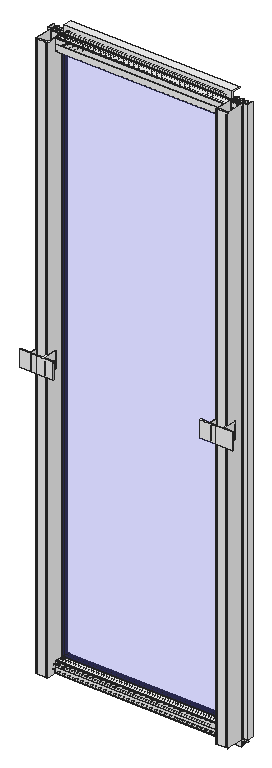
Revit family "Facade_60_Curtain_Wall_I11_Custom", category Windows, host Wall, Revit 2014 (continued)
Definition of nested family "F60 Vertical Profile Side_I11_Cust"
  Automatic sketch dimensions
    Extrusion 10 sketch curve to Extrusion 10 sketch curve = 1.4 mm
    Extrusion 10 sketch curve to Extrusion 10 sketch curve = 0.539 mm  (x2)
    plane 1 "Center (Front/Back)" to Extrusion 10 sketch curve = 28.864 mm
    Extrusion 11 sketch curve to plane 3 "Center (Left/Right)" = 0 mm
    plane 3 "Center (Left/Right)" to Extrusion 11 sketch curve = 0.65 mm
    Extrusion 11 sketch curve to Extrusion 11 sketch curve = 0.128 mm  (x2)
    plane 3 "Center (Left/Right)" to Extrusion 11 sketch curve = 1.014 mm
    plane 3 "Center (Left/Right)" to Extrusion 11 sketch curve = 1.05 mm
    Extrusion 11 sketch curve to Extrusion 11 sketch curve = 0.469 mm  (x2)
    Extrusion 11 sketch curve to Extrusion 11 sketch curve = 1.079 mm
    Extrusion 11 sketch curve to Extrusion 11 sketch curve = 1.317 mm  (x2)
    Extrusion 11 sketch curve to Extrusion 11 sketch curve = 0 mm  (x3)
    plane 3 "Center (Left/Right)" to Extrusion 11 sketch curve = 3.85 mm
    Extrusion 11 sketch curve to Extrusion 11 sketch curve = 0.15 mm  (x2)
    Extrusion 11 sketch curve to Extrusion 11 sketch curve = 26 mm  (x2)
    Extrusion 11 sketch curve to Extrusion 11 sketch curve = 1.05 mm
    Extrusion 11 sketch curve to Extrusion 11 sketch curve = 0.707 mm
    Extrusion 11 sketch curve to Extrusion 11 sketch curve = 0.433 mm
    plane 1 "Center (Front/Back)" to Extrusion 11 sketch curve = 31.288 mm
    plane 1 "Center (Front/Back)" to Extrusion 11 sketch curve = 28.065 mm
    Extrusion 11 sketch curve to Extrusion 11 sketch curve = 1.314 mm
    Extrusion 11 sketch curve to Extrusion 11 sketch curve = 0.65 mm
    Extrusion 11 sketch curve to Extrusion 11 sketch curve = 0.5 mm  (x2)
    plane 1 "Center (Front/Back)" to Extrusion 11 sketch curve = 32.75 mm
    Extrusion 11 sketch curve to Extrusion 11 sketch curve = 0.1 mm  (x3)
    Extrusion 11 sketch curve to Extrusion 11 sketch curve = 1.1 mm  (x2)
    Extrusion 11 sketch curve to Extrusion 11 sketch curve = 8.608 mm
    Extrusion 11 sketch curve to Extrusion 11 sketch curve = 0.962 mm
    Extrusion 12 sketch curve to plane 3 "Center (Left/Right)" = 21.349 mm
    Extrusion 12 sketch curve to Extrusion 12 sketch curve = 6.35 mm
    plane 3 "Center (Left/Right)" to Extrusion 12 sketch curve = 10.403 mm
    plane 1 "Center (Front/Back)" to Extrusion 12 sketch curve = 35.567 mm
    plane 1 "Center (Front/Back)" to Extrusion 12 sketch curve = 10.171 mm
    plane 1 "Center (Front/Back)" to Extrusion 12 sketch curve = 3.821 mm
    Extrusion 13 sketch curve to plane 3 "Center (Left/Right)" = 21.35 mm
    Extrusion 13 sketch curve to Extrusion 13 sketch curve = 6.35 mm
    plane 3 "Center (Left/Right)" to Extrusion 13 sketch curve = 10.402 mm
    plane 1 "Center (Front/Back)" to Extrusion 13 sketch curve = 33.172 mm
    plane 1 "Center (Front/Back)" to Extrusion 13 sketch curve = 7.775 mm
    plane 1 "Center (Front/Back)" to Extrusion 13 sketch curve = 1.425 mm
    Extrusion 14 sketch curve to plane 3 "Center (Left/Right)" = 0 mm
    plane 3 "Center (Left/Right)" to Extrusion 14 sketch curve = 1.2 mm
    Extrusion 14 sketch curve to Extrusion 14 sketch curve = 9.6 mm
    Extrusion 14 sketch curve to Extrusion 14 sketch curve = 1.2 mm  (x3)
    plane 1 "Center (Front/Back)" to Extrusion 14 sketch curve = 25.775 mm
    plane 1 "Center (Front/Back)" to Extrusion 14 sketch curve = 8.975 mm
    curve 4 to Extrusion 6 = 0 mm
    curve 3 to Extrusion 6 = 0 mm
    curve 1 to Extrusion 6 = 0 mm
    curve 4 to Extrusion 6 = 3.6 mm
    curve 3 to Extrusion 6 = 3.6 mm
    curve 1 to Extrusion 6 = 3.6 mm
    Extrusion 6 to curve 2 = 1 mm
    Extrusion 6 to curve 5 = 1 mm
    Extrusion 6 to curve 6 = 1 mm
    curve 6 to Extrusion 6 = 1 mm
    curve 5 to Extrusion 6 = 1 mm
    curve 2 to Extrusion 6 = 1 mm
    curve 9 to Extrusion 6 = 0 mm
    curve 8 to Extrusion 6 = 0 mm
    curve 7 to Extrusion 6 = 0 mm
    Extrusion 6 to curve 8 = 3.6 mm
    Extrusion 6 to curve 9 = 3.6 mm
    Extrusion 6 to curve 7 = 3.6 mm
    curve 12 to Extrusion 5 = 25.894 mm
    curve 11 to Extrusion 5 = 25.894 mm
    curve 10 to Extrusion 5 = 25.894 mm
    curve 10 to Extrusion 5 = 0.108 mm
    Extrusion 5 to curve 12 = 0.703 mm
    Extrusion 5 to curve 11 = 0.703 mm
    curve 13 to Extrusion 5 = 4 mm
    curve 14 to Extrusion 5 = 4 mm
    curve 15 to Extrusion 5 = 4 mm
    Extrusion 5 to curve 15 = 0.702 mm
    Extrusion 5 to curve 14 = 0.702 mm
    Extrusion 5 to curve 13 = 0.702 mm
    curve 18 to Extrusion 7 = 0 mm
    curve 17 to Extrusion 7 = 0 mm
    curve 16 to Extrusion 7 = 0 mm
    Extrusion 7 to curve 17 = 3.6 mm
    Extrusion 7 to curve 18 = 3.6 mm
    Extrusion 7 to curve 16 = 3.6 mm
    Extrusion 7 to curve 21 = 1 mm  (x2)
    Extrusion 7 to curve 20 = 1 mm  (x2)
    Extrusion 7 to curve 19 = 1 mm  (x2)
    curve 24 to Extrusion 7 = 0 mm
    curve 23 to Extrusion 7 = 0 mm
    curve 22 to Extrusion 7 = 0 mm
    curve 24 to Extrusion 7 = 3.6 mm
    curve 23 to Extrusion 7 = 3.6 mm
    curve 22 to Extrusion 7 = 3.6 mm
    curve 27 to Extrusion 8 = 0 mm
    curve 26 to Extrusion 8 = 0 mm
    curve 25 to Extrusion 8 = 0 mm
    Extrusion 8 to curve 26 = 3.6 mm
    Extrusion 8 to curve 27 = 3.6 mm
    Extrusion 8 to curve 25 = 3.6 mm
    Extrusion 8 to curve 30 = 0.221 mm
    Extrusion 8 to curve 29 = 0.221 mm
    Extrusion 8 to curve 28 = 0.221 mm
    curve 29 to Extrusion 8 = 0.222 mm
    curve 30 to Extrusion 8 = 0.222 mm
    curve 28 to Extrusion 8 = 0.222 mm
    curve 33 to Extrusion 8 = 0 mm
    curve 32 to Extrusion 8 = 0 mm
    curve 31 to Extrusion 8 = 0 mm
    curve 33 to Extrusion 8 = 3.6 mm
    curve 32 to Extrusion 8 = 3.6 mm
    curve 31 to Extrusion 8 = 3.6 mm
    curve 34 to Extrusion 11 = 4.016 mm
    curve 35 to Extrusion 11 = 4.016 mm
    curve 36 to Extrusion 11 = 3.97 mm
    Extrusion 11 to curve 36 = 0.637 mm
    Extrusion 11 to curve 35 = 0.637 mm
    Extrusion 11 to curve 34 = 0.637 mm
    curve 37 to Extrusion 11 = 29.221 mm
    curve 38 to Extrusion 11 = 29.221 mm
    curve 39 to Extrusion 11 = 29.221 mm
    Extrusion 11 to curve 39 = 3.222 mm
    Extrusion 11 to curve 38 = 3.222 mm
    Extrusion 11 to curve 37 = 3.222 mm
Definition of nested family "F60 Horizontal Profile Top_I11_Cust"
  Parameters (values of type "F60 Horizontal Profile Top")
    Thermal Break Material [instance] = none
    Single Glazing [instance] = yes
    Profile Material [instance] = none
    Length [instance] = 250 mm
    Double Glazing [instance] = yes
  Reference planes
    plane 1 "Center (Front/Back)": y = 0
    plane 2: z = 0
    plane 3 "Center (Left/Right)": x = 0
  Forms (mm)
    Extrusion 1, solid, material <- "Profile Material"
      sketch origin (0, 0, 0) x (0, 1, 0) y (0, 0, 1)
        loop
          line (-9.94, 7.845) -> (-8.37, 6.275) -> (-1.2, 10.415) -> (-1.2, 1.2) -> (-5, 1.2) -> (-5, 0) -> (-1, 0)
          arc (-1, 0) -> (-0.293, 0.293) -> (0, 1) r 1
          line (0, 1) -> (0, 30) -> (0, 59)
          arc (0, 59) -> (-0.293, 59.707) -> (-1, 60) r 1
          line (-1, 60) -> (-5, 60) -> (-5, 58.8) -> (-1.2, 58.8) -> (-1.2, 49.585) -> (-8.37, 53.725) -> (-9.94, 52.155)
          arc (-9.94, 52.155) -> (-9.902, 51.269) -> (-9.016, 51.232) r 0.655
          line (-9.016, 51.232) -> (-8.077, 52.17) -> (-1.2, 48.2) -> (-1.2, 30) -> (-1.2, 11.8) -> (-8.077, 7.83) -> (-9.016, 8.768)
          arc (-9.016, 8.768) -> (-9.902, 8.731) -> (-9.94, 7.845) r 0.655
      from 0 to 250 <- "Length"
    Extrusion 2, solid, material <- "Profile Material"
      sketch origin (0, 0, 0) x (0, 1, 0) y (0, 0, 1)
        loop
          line (-5, 60) -> (-44.6, 60) -> (-44.6, 58.35) -> (-39.944, 58.35) -> (-39.944, 1.65) -> (-44.6, 1.65) -> (-44.6, 0) -> (-5, 0) -> (-5, 2.2) -> (-4.2, 2.2) -> (-4.2, 3.018)
          arc (-4.2, 3.018) -> (-4.352, 3.783) -> (-4.786, 4.432) r 2
          line (-4.786, 4.432) -> (-7.054, 6.7) -> (-8, 6.489) -> (-8, 5.7) -> (-7.205, 5.7) -> (-7.205, 2.95) -> (-8, 2.95) -> (-8, 1.95) -> (-12.752, 1.95) -> (-12.752, 6.7) -> (-14.152, 6.7) -> (-14.152, 1.65) -> (-38.65, 1.65) -> (-38.65, 8.33) -> (-37.097, 8.33) -> (-34.666, 6.973)
          arc (-34.666, 6.973) -> (-33.846, 7.192) -> (-34.066, 8.012) r 0.6
          line (-34.066, 8.012) -> (-37.128, 9.78) -> (-38.65, 9.78) -> (-38.65, 12.65) -> (-37.6, 13.7) -> (-37.6, 20.3) -> (-38.65, 21.35) -> (-38.65, 38.65) -> (-37.6, 39.7) -> (-37.6, 46.3) -> (-38.65, 47.35) -> (-38.65, 50.22) -> (-37.128, 50.22) -> (-34.066, 51.988)
          arc (-34.066, 51.988) -> (-33.846, 52.808) -> (-34.666, 53.027) r 0.6
          line (-34.666, 53.027) -> (-37.032, 51.661) -> (-38.65, 51.661) -> (-38.65, 58.35) -> (-14.152, 58.35) -> (-14.152, 53.3) -> (-12.752, 53.3) -> (-12.752, 58.05) -> (-8, 58.05) -> (-8, 57.05) -> (-7.205, 57.05) -> (-7.205, 54.3) -> (-8, 54.3) -> (-8, 53.511) -> (-7.054, 53.3) -> (-4.786, 55.568)
          arc (-4.786, 55.568) -> (-4.352, 56.217) -> (-4.2, 56.982) r 2
          line (-4.2, 56.982) -> (-4.2, 57.8) -> (-5, 57.8) -> (-5, 60)
      from 0 to 250 <- "Length"
    Extrusion 3, solid, material <- "Thermal Break Material"
      sketch origin (0, 0, 0) x (0, 1, 0) y (0, 0, 1)
        loop
          line (-40, 1.75) -> (-40, 30) -> (-40, 58.25) -> (-44.6, 58.25) -> (-44.6, 60) -> (-45.9, 60) -> (-45.9, 53.65) -> (-41.788, 53.65)
          arc (-41.788, 53.65) -> (-41.363, 53.474) -> (-41.187, 53.05) r 0.6
          line (-41.187, 53.05) -> (-41.187, 30) -> (-41.187, 6.95)
          arc (-41.187, 6.95) -> (-41.363, 6.526) -> (-41.788, 6.35) r 0.6
          line (-41.788, 6.35) -> (-45.9, 6.35) -> (-45.9, 0) -> (-44.6, 0) -> (-44.6, 1.75) -> (-40, 1.75)
      from 0 to 250 <- "Length"
    Extrusion 4, solid, material <- "Profile Material"
      sketch origin (0, 0, 0) x (0, 1, 0) y (0, 0, 1)
        loop
          line (-58.5, 25.249) -> (-43.6, 25.249)
          arc (-43.6, 25.249) -> (-43.034, 25.015) -> (-42.8, 24.449) r 0.8
          line (-42.8, 24.449) -> (-42.8, 7.9) -> (-44.4, 7.9) -> (-44.4, 9.45) -> (-45.25, 9.45)
          arc (-45.25, 9.45) -> (-45.674, 9.274) -> (-45.85, 8.85) r 0.6
          line (-45.85, 8.85) -> (-45.85, 7.9) -> (-48.8, 7.9)
          arc (-48.8, 7.9) -> (-49.3, 8.4) -> (-49.8, 7.9) r 0.5
          line (-49.8, 7.9) -> (-49.8, 5.55) -> (-48.65, 5.55) -> (-48.65, 6.7) -> (-47.35, 6.7) -> (-47.35, 1.2) -> (-48.65, 1.2) -> (-48.65, 2.35) -> (-49.8, 2.35) -> (-49.8, 0.5)
          arc (-49.8, 0.5) -> (-49.654, 0.146) -> (-49.3, 0) r 0.5
          line (-49.3, 0) -> (-45.9, 0) -> (-45.9, 6.45) -> (-42.2, 6.45)
          arc (-42.2, 6.45) -> (-41.634, 6.684) -> (-41.4, 7.25) r 0.8
          line (-41.4, 7.25) -> (-41.4, 30) -> (-41.4, 52.75)
          arc (-41.4, 52.75) -> (-41.634, 53.316) -> (-42.2, 53.55) r 0.8
          line (-42.2, 53.55) -> (-45.9, 53.55) -> (-45.9, 60) -> (-49.3, 60)
          arc (-49.3, 60) -> (-49.654, 59.854) -> (-49.8, 59.5) r 0.5
          line (-49.8, 59.5) -> (-49.8, 57.65) -> (-48.65, 57.65) -> (-48.65, 58.8) -> (-47.35, 58.8) -> (-47.35, 53.3) -> (-48.65, 53.3) -> (-48.65, 54.45) -> (-49.8, 54.45) -> (-49.8, 52.1)
          arc (-49.8, 52.1) -> (-49.3, 51.6) -> (-48.8, 52.1) r 0.5
          line (-48.8, 52.1) -> (-45.85, 52.1) -> (-45.85, 51.15)
          arc (-45.85, 51.15) -> (-45.674, 50.726) -> (-45.25, 50.55) r 0.6
          line (-45.25, 50.55) -> (-44.4, 50.55) -> (-44.4, 52.1) -> (-42.8, 52.1) -> (-42.8, 35.551)
          arc (-42.8, 35.551) -> (-43.034, 34.985) -> (-43.6, 34.751) r 0.8
          line (-43.6, 34.751) -> (-58.5, 34.751)
          arc (-58.5, 34.751) -> (-59.066, 34.516) -> (-59.3, 33.951) r 0.8
          line (-59.3, 33.951) -> (-59.3, 32.902) -> (-42.8, 32.902) -> (-42.8, 27.1) -> (-59.3, 27.1) -> (-59.3, 26.049)
          arc (-59.3, 26.049) -> (-59.066, 25.484) -> (-58.5, 25.249) r 0.8
      from 0 to 250 <- "Length"
    Extrusion 5, solid, material <- "Thermal Break Material", visible <- "Single Glazing"
      sketch origin (0, 0, 0) x (0, 1, 0) y (0, 0, 1)
        loop
          arc (-63.8, 25.751) -> (-63.654, 25.397) -> (-63.3, 25.251) r 0.5
          line (-63.3, 25.251) -> (-59.8, 25.251)
          arc (-59.8, 25.251) -> (-59.446, 25.397) -> (-59.3, 25.751) r 0.5
          line (-59.3, 25.751) -> (-59.3, 27.648) -> (-49.599, 27.648) -> (-47.528, 28.651)
          arc (-47.528, 28.651) -> (-46.803, 30.001) -> (-47.528, 31.351) r 1.62
          line (-47.528, 31.351) -> (-49.599, 32.353) -> (-59.3, 32.353) -> (-59.3, 34.251)
          arc (-59.3, 34.251) -> (-59.446, 34.604) -> (-59.8, 34.751) r 0.5
          line (-59.8, 34.751) -> (-63.3, 34.751)
          arc (-63.3, 34.751) -> (-63.654, 34.604) -> (-63.8, 34.251) r 0.5
          line (-63.8, 34.251) -> (-63.8, 32.328) -> (-62.4, 31.52) -> (-62.4, 28.483) -> (-63.8, 27.673) -> (-63.8, 25.751)
        loop
          line (-59.794, 28.506) -> (-59.006, 29.294)
          arc (-59.006, 29.294) -> (-58.788, 29.618) -> (-58.713, 30.001) r 0.986
          arc (-58.713, 30.001) -> (-58.79, 30.384) -> (-59.008, 30.71) r 1.007
          line (-59.008, 30.71) -> (-59.794, 31.496) -> (-60.65, 31.496)
          arc (-60.65, 31.496) -> (-61.004, 31.349) -> (-61.15, 30.996) r 0.5
          line (-61.15, 30.996) -> (-61.15, 29.006)
          arc (-61.15, 29.006) -> (-61.004, 28.652) -> (-60.65, 28.506) r 0.5
          line (-60.65, 28.506) -> (-59.794, 28.506)
        loop
          line (-47.854, 30.898) -> (-49.415, 31.653) -> (-56.782, 31.653)
          arc (-56.782, 31.653) -> (-57.207, 31.417) -> (-57.23, 30.932) r 0.5
          arc (-57.23, 30.932) -> (-57.013, 30.001) -> (-57.23, 29.07) r 2.099
          arc (-57.23, 29.07) -> (-57.207, 28.584) -> (-56.782, 28.348) r 0.5
          line (-56.782, 28.348) -> (-49.415, 28.348) -> (-48.055, 29.007)
          arc (-48.055, 29.007) -> (-47.35, 29.888) -> (-47.854, 30.898) r 1.047
      from 0 to 250 <- "Length"
    Extrusion 6, solid, material <- "Profile Material", visible <- "Single Glazing"
      sketch origin (0, 0, 0) x (0, 1, 0) y (0, 0, 1)
        loop
          line (-63.8, 52.694) -> (-64.8, 52.694) -> (-64.8, 51.544) -> (-66.05, 51.544) -> (-66.05, 57.044) -> (-64.8, 57.044) -> (-64.8, 55.894) -> (-63.8, 55.894) -> (-63.8, 58.294)
          arc (-63.8, 58.294) -> (-64.082, 58.803) -> (-64.664, 58.835) r 0.6
          line (-64.664, 58.835) -> (-66.562, 57.91) -> (-67.088, 58.988) -> (-68.05, 58.519) -> (-68.05, 48.513)
          arc (-68.05, 48.513) -> (-67.874, 48.089) -> (-67.45, 47.913) r 0.6
          line (-67.45, 47.913) -> (-66.6, 47.913) -> (-66.6, 12.09) -> (-67.45, 12.09)
          arc (-67.45, 12.09) -> (-67.874, 11.914) -> (-68.05, 11.49) r 0.6
          line (-68.05, 11.49) -> (-68.05, 1.485) -> (-67.088, 1.016) -> (-66.562, 2.095) -> (-64.663, 1.169)
          arc (-64.663, 1.169) -> (-64.082, 1.2) -> (-63.8, 1.709) r 0.6
          line (-63.8, 1.709) -> (-63.8, 4.109) -> (-64.8, 4.109) -> (-64.8, 2.959) -> (-66.05, 2.959) -> (-66.05, 8.459) -> (-64.8, 8.459) -> (-64.8, 7.309) -> (-63.8, 7.309) -> (-63.8, 27.674) -> (-62.4, 28.483) -> (-62.4, 31.521) -> (-63.8, 32.329) -> (-63.8, 52.694)
      from 0 to 250 <- "Length"
    Extrusion 7, solid, material <- "Profile Material", visible <- "Single Glazing"
      sketch origin (0, 0, 0) x (0, 1, 0) y (0, 0, 1)
        loop
          line (-68.551, 3.3) -> (-76.559, 3.3) -> (-76.559, 30) -> (-76.559, 56.15)
          arc (-76.559, 56.15) -> (-75.739, 58.13) -> (-73.759, 58.95) r 2.8
          line (-73.759, 58.95) -> (-69.151, 58.95) -> (-69.151, 57.2)
          arc (-69.151, 57.2) -> (-68.987, 56.829) -> (-68.601, 56.703) r 0.5
          arc (-68.601, 56.703) -> (-68.216, 56.829) -> (-68.051, 57.2) r 0.5
          line (-68.051, 57.2) -> (-68.051, 58.517) -> (-67.089, 58.986) -> (-66.563, 57.907) -> (-63.866, 59.222)
          arc (-63.866, 59.222) -> (-64.001, 59.762) -> (-64.504, 60) r 0.65
          line (-64.504, 60) -> (-73.859, 60)
          arc (-73.859, 60) -> (-76.687, 58.828) -> (-77.859, 56) r 4
          line (-77.859, 56) -> (-77.859, 30) -> (-77.859, 2.493)
          arc (-77.859, 2.493) -> (-77.197, 0.799) -> (-75.562, 0.002) r 2.5
          arc (-75.562, 0.002) -> (-75.182, 0.132) -> (-75.021, 0.5) r 0.5
          line (-75.021, 0.5) -> (-75.021, 2) -> (-69.151, 2) -> (-69.151, 0.5)
          arc (-69.151, 0.5) -> (-69.005, 0.146) -> (-68.651, 0) r 0.5
          line (-68.651, 0) -> (-64.504, 0)
          arc (-64.504, 0) -> (-64.001, 0.238) -> (-63.866, 0.778) r 0.65
          line (-63.866, 0.778) -> (-66.563, 2.093) -> (-67.089, 1.014) -> (-68.051, 1.483) -> (-68.051, 2.8)
          arc (-68.051, 2.8) -> (-68.198, 3.154) -> (-68.551, 3.3) r 0.5
      from 0 to 250 <- "Length"
    Extrusion 8, solid, material <- "Thermal Break Material", visible <- "Double Glazing"
      sketch origin (0, 0, 0) x (0, 1, 0) y (0, 0, 1)
        loop
          line (-77.8, 27.673) -> (-77.8, 25.751)
          arc (-77.8, 25.751) -> (-77.654, 25.397) -> (-77.3, 25.251) r 0.5
          line (-77.3, 25.251) -> (-59.8, 25.251)
          arc (-59.8, 25.251) -> (-59.446, 25.397) -> (-59.3, 25.751) r 0.5
          line (-59.3, 25.751) -> (-59.3, 27.647) -> (-49.599, 27.647) -> (-47.528, 28.649)
          arc (-47.528, 28.649) -> (-46.803, 29.999) -> (-47.528, 31.349) r 1.62
          line (-47.528, 31.349) -> (-49.602, 32.353) -> (-59.3, 32.353) -> (-59.3, 34.251)
          arc (-59.3, 34.251) -> (-59.446, 34.604) -> (-59.8, 34.751) r 0.5
          line (-59.8, 34.751) -> (-77.3, 34.751)
          arc (-77.3, 34.751) -> (-77.654, 34.604) -> (-77.8, 34.251) r 0.5
          line (-77.8, 34.251) -> (-77.8, 32.327) -> (-76.4, 31.52) -> (-76.4, 28.482) -> (-77.8, 27.673)
        loop
          line (-59.006, 30.708) -> (-61.156, 32.858)
          arc (-61.156, 32.858) -> (-61.48, 33.074) -> (-61.863, 33.151) r 1
          line (-61.863, 33.151) -> (-73.8, 33.151)
          arc (-73.8, 33.151) -> (-74.507, 32.858) -> (-74.8, 32.151) r 1
          line (-74.8, 32.151) -> (-74.8, 27.851)
          arc (-74.8, 27.851) -> (-74.507, 27.144) -> (-73.8, 26.851) r 1
          line (-73.8, 26.851) -> (-61.863, 26.851)
          arc (-61.863, 26.851) -> (-61.48, 26.927) -> (-61.156, 27.144) r 1
          line (-61.156, 27.144) -> (-59.006, 29.294)
          arc (-59.006, 29.294) -> (-58.788, 29.618) -> (-58.713, 30.001) r 0.986
          arc (-58.713, 30.001) -> (-58.79, 30.383) -> (-59.006, 30.708) r 1.007
        loop
          line (-56.782, 28.347) -> (-49.415, 28.347) -> (-48.055, 29.005)
          arc (-48.055, 29.005) -> (-47.35, 29.887) -> (-47.854, 30.896) r 1.047
          line (-47.854, 30.896) -> (-49.415, 31.652) -> (-56.782, 31.652)
          arc (-56.782, 31.652) -> (-57.207, 31.416) -> (-57.23, 30.93) r 0.5
          arc (-57.23, 30.93) -> (-57.013, 29.999) -> (-57.23, 29.068) r 2.099
          arc (-57.23, 29.068) -> (-57.207, 28.583) -> (-56.782, 28.347) r 0.5
      from 0 to 250 <- "Length"
    Extrusion 9, solid, material <- "Profile Material", visible <- "Double Glazing"
      sketch origin (0, 0, 0) x (0, 1, 0) y (0, 0, 1)
        loop
          line (-77.8, 52.694) -> (-78.8, 52.694) -> (-78.8, 51.544) -> (-80.05, 51.544) -> (-80.05, 57.044) -> (-78.8, 57.044) -> (-78.8, 55.894) -> (-77.8, 55.894) -> (-77.8, 58.294)
          arc (-77.8, 58.294) -> (-78.082, 58.802) -> (-78.664, 58.834) r 0.6
          line (-78.664, 58.834) -> (-80.562, 57.909) -> (-81.088, 58.988) -> (-82.05, 58.518) -> (-82.05, 48.512)
          arc (-82.05, 48.512) -> (-81.874, 48.088) -> (-81.45, 47.912) r 0.6
          line (-81.45, 47.912) -> (-80.6, 47.912) -> (-80.6, 12.089) -> (-81.45, 12.089)
          arc (-81.45, 12.089) -> (-81.874, 11.913) -> (-82.05, 11.489) r 0.6
          line (-82.05, 11.489) -> (-82.05, 1.484) -> (-81.088, 1.015) -> (-80.562, 2.094) -> (-78.663, 1.169)
          arc (-78.663, 1.169) -> (-78.082, 1.199) -> (-77.8, 1.708) r 0.6
          line (-77.8, 1.708) -> (-77.8, 4.108) -> (-78.8, 4.108) -> (-78.8, 2.958) -> (-80.05, 2.958) -> (-80.05, 8.458) -> (-78.8, 8.458) -> (-78.8, 7.308) -> (-77.8, 7.308) -> (-77.8, 27.673) -> (-76.4, 28.482) -> (-76.4, 31.52) -> (-77.8, 32.328) -> (-77.8, 52.694)
      from 0 to 250 <- "Length"
    Extrusion 10, solid, material <- "Profile Material", visible <- "Double Glazing"
      sketch origin (0, 0, 0) x (0, 1, 0) y (0, 0, 1)
        loop
          line (-82.551, 3.3) -> (-90.558, 3.3) -> (-90.558, 30) -> (-90.558, 56.15)
          arc (-90.558, 56.15) -> (-89.738, 58.13) -> (-87.758, 58.95) r 2.8
          line (-87.758, 58.95) -> (-83.151, 58.95) -> (-83.151, 57.2)
          arc (-83.151, 57.2) -> (-82.986, 56.829) -> (-82.601, 56.703) r 0.5
          arc (-82.601, 56.703) -> (-82.215, 56.829) -> (-82.051, 57.2) r 0.5
          line (-82.051, 57.2) -> (-82.051, 58.517) -> (-81.088, 58.986) -> (-80.563, 57.907) -> (-77.866, 59.222)
          arc (-77.866, 59.222) -> (-78, 59.762) -> (-78.503, 60) r 0.65
          line (-78.503, 60) -> (-87.858, 60)
          arc (-87.858, 60) -> (-90.687, 58.828) -> (-91.858, 56) r 4
          line (-91.858, 56) -> (-91.858, 30) -> (-91.858, 2.493)
          arc (-91.858, 2.493) -> (-91.196, 0.799) -> (-89.561, 0.002) r 2.5
          arc (-89.561, 0.002) -> (-89.182, 0.132) -> (-89.021, 0.5) r 0.5
          line (-89.021, 0.5) -> (-89.021, 2) -> (-83.151, 2) -> (-83.151, 0.5)
          arc (-83.151, 0.5) -> (-83.004, 0.146) -> (-82.651, 0) r 0.5
          line (-82.651, 0) -> (-78.503, 0)
          arc (-78.503, 0) -> (-78, 0.238) -> (-77.866, 0.778) r 0.65
          line (-77.866, 0.778) -> (-80.563, 2.093) -> (-81.088, 1.014) -> (-82.051, 1.483) -> (-82.051, 2.8)
          arc (-82.051, 2.8) -> (-82.197, 3.154) -> (-82.551, 3.3) r 0.5
      from 0 to 250 <- "Length"
    Extrusion 11, solid, material <- "Profile Material", visible <- "Double Glazing"
      sketch origin (0, 0, 0) x (0, 1, 0) y (0, 0, 1)
        loop
          line (-57.8, 45.73) -> (-51.8, 45.73) -> (-51.8, 95.73) -> (-101.8, 95.73) -> (-101.8, 89.73) -> (-57.8, 89.73) -> (-57.8, 45.73)
      from 0 to 250 <- "Length"
    Extrusion 12, solid, material <- "Profile Material", visible <- "Double Glazing"
      sketch origin (0, 0, 0) x (0, 1, 0) y (0, 0, 1)
        loop
          line (-75.8, 48) -> (-57.8, 48) -> (-57.8, 60) -> (-75.8, 60) -> (-75.8, 48)
        loop
          line (-74.6, 49.2) -> (-59, 49.2) -> (-59, 58.8) -> (-74.6, 58.8) -> (-74.6, 49.2)
      from 0 to 250 <- "Length"
    Extrusion 13, solid, material <- "Profile Material", visible <- "Single Glazing"
      sketch origin (0, 0, 0) x (0, 1, 0) y (0, 0, 1)
        loop
          line (-59.8, 45.865) -> (-53.8, 45.865) -> (-53.8, 95.865) -> (-103.8, 95.865) -> (-103.8, 89.865) -> (-59.8, 89.865) -> (-59.8, 45.865)
      from 0 to 250 <- "Length"
  Dimensions and locks
    aligned and locked: level to plane 2
Definition of nested family "F60 Sill_I11_Cust"
  Parameters (values of type "F60 Sill")
    Profile Material [instance] = none
    Length Sill [instance] = 250 mm
  Reference planes
    plane 1 "Center (Front/Back)": y = 0
    plane 2: z = 0
    plane 3 "Center (Left/Right)": x = 0
  Forms (mm)
    Extrusion 1, solid, material <- "Profile Material"
      sketch origin (0, 0, 0) x (0, 1, 0) y (0, 0, 1)
        loop
          line (-42.734, 5.324) -> (-48.256, 4.643)
          arc (-48.256, 4.643) -> (-49.196, 4.147) -> (-49.572, 3.154) r 1.5
          line (-49.572, 3.154) -> (-49.572, 1.88) -> (-47.772, 1.88) -> (-47.772, 3.191) -> (-19.233, 6.714)
          arc (-19.233, 6.714) -> (-17.924, 7.083) -> (-16.785, 7.826) r 4.5
          line (-16.785, 7.826) -> (-16.785, 1.88) -> (-15.285, 1.88) -> (-15.285, 24.58)
          arc (-15.285, 24.58) -> (-15.109, 25.004) -> (-14.685, 25.18) r 0.6
          line (-14.685, 25.18) -> (-4.072, 25.18) -> (-4.072, 1.88) -> (-2.572, 1.88) -> (-2.572, 29.88) -> (-4.072, 29.88) -> (-4.072, 28.88) -> (-5.222, 28.88) -> (-5.222, 27.68) -> (-4.072, 27.68) -> (-4.072, 26.38) -> (-9.572, 26.38) -> (-9.572, 27.68) -> (-8.422, 27.68) -> (-8.422, 28.88) -> (-10.172, 28.88)
          arc (-10.172, 28.88) -> (-10.597, 28.704) -> (-10.772, 28.28) r 0.6
          line (-10.772, 28.28) -> (-10.772, 26.38) -> (-15.285, 26.38)
          arc (-15.285, 26.38) -> (-16.345, 25.941) -> (-16.785, 24.88) r 1.5
          line (-16.785, 24.88) -> (-16.785, 11.18)
          arc (-16.785, 11.18) -> (-17.537, 9.193) -> (-19.417, 8.203) r 3
          line (-19.417, 8.203) -> (-39.35, 5.742)
          arc (-39.35, 5.742) -> (-40.527, 6.107) -> (-41.034, 7.231) r 1.5
          line (-41.034, 7.231) -> (-41.034, 19.996)
          arc (-41.034, 19.996) -> (-40.883, 20.394) -> (-40.507, 20.592) r 0.6
          line (-40.507, 20.592) -> (-32.917, 21.529)
          arc (-32.917, 21.529) -> (-31.977, 22.024) -> (-31.601, 23.017) r 1.5
          line (-31.601, 23.017) -> (-31.601, 28.88) -> (-33.101, 28.88) -> (-33.101, 23.548)
          arc (-33.101, 23.548) -> (-33.251, 23.15) -> (-33.627, 22.952) r 0.6
          line (-33.627, 22.952) -> (-45.787, 21.451)
          arc (-45.787, 21.451) -> (-46.727, 20.956) -> (-47.104, 19.962) r 1.5
          line (-47.104, 19.962) -> (-47.104, 19.054)
          arc (-47.104, 19.054) -> (-46.957, 18.7) -> (-46.604, 18.554) r 0.5
          line (-46.604, 18.554) -> (-45.604, 18.554) -> (-45.604, 19.962) -> (-42.734, 20.317) -> (-42.734, 5.324)
      from 0 to 250 <- "Length Sill"
  Dimensions and locks
    aligned and locked: level to plane 2
Definition of nested family "F60 Horizontal Profile Bottom_I11_Cust"
  Parameters (values of type "F60 Horizontal Profile Bottom")
    Thermal Break Material [instance] = none
    Single Glazing [instance] = yes
    Profile Material [instance] = none
    Length [instance] = 250 mm
    Double Glazing [instance] = yes
  Reference planes
    plane 1 "Center (Front/Back)": y = 0
    plane 2: z = 0
    plane 3 "Center (Left/Right)": x = 0
  Forms (mm)
    Extrusion 1, solid, material <- "Profile Material"
      sketch origin (0, 0, 0) x (0, 1, 0) y (0, 0, 1)
        loop
          line (-9.94, 7.845) -> (-8.37, 6.275) -> (-1.2, 10.415) -> (-1.2, 1.2) -> (-5, 1.2) -> (-5, 0) -> (-1, 0)
          arc (-1, 0) -> (-0.293, 0.293) -> (0, 1) r 1
          line (0, 1) -> (0, 30) -> (0, 59)
          arc (0, 59) -> (-0.293, 59.707) -> (-1, 60) r 1
          line (-1, 60) -> (-5, 60) -> (-5, 58.8) -> (-1.2, 58.8) -> (-1.2, 49.585) -> (-8.37, 53.725) -> (-9.94, 52.155)
          arc (-9.94, 52.155) -> (-9.902, 51.269) -> (-9.016, 51.232) r 0.655
          line (-9.016, 51.232) -> (-8.077, 52.17) -> (-1.2, 48.2) -> (-1.2, 30) -> (-1.2, 11.8) -> (-8.077, 7.83) -> (-9.016, 8.768)
          arc (-9.016, 8.768) -> (-9.902, 8.731) -> (-9.94, 7.845) r 0.655
      from 0 to 250 <- "Length"
    Extrusion 2, solid, material <- "Profile Material"
      sketch origin (0, 0, 0) x (0, 1, 0) y (0, 0, 1)
        loop
          line (-5, 60) -> (-44.6, 60) -> (-44.6, 58.35) -> (-39.944, 58.35) -> (-39.944, 1.65) -> (-44.6, 1.65) -> (-44.6, 0) -> (-5, 0) -> (-5, 2.2) -> (-4.2, 2.2) -> (-4.2, 3.018)
          arc (-4.2, 3.018) -> (-4.352, 3.783) -> (-4.786, 4.432) r 2
          line (-4.786, 4.432) -> (-7.054, 6.7) -> (-8, 6.489) -> (-8, 5.7) -> (-7.205, 5.7) -> (-7.205, 2.95) -> (-8, 2.95) -> (-8, 1.95) -> (-12.752, 1.95) -> (-12.752, 6.7) -> (-14.152, 6.7) -> (-14.152, 1.65) -> (-38.65, 1.65) -> (-38.65, 8.33) -> (-37.097, 8.33) -> (-34.666, 6.973)
          arc (-34.666, 6.973) -> (-33.846, 7.192) -> (-34.066, 8.012) r 0.6
          line (-34.066, 8.012) -> (-37.128, 9.78) -> (-38.65, 9.78) -> (-38.65, 12.65) -> (-37.6, 13.7) -> (-37.6, 20.3) -> (-38.65, 21.35) -> (-38.65, 38.65) -> (-37.6, 39.7) -> (-37.6, 46.3) -> (-38.65, 47.35) -> (-38.65, 50.22) -> (-37.128, 50.22) -> (-34.066, 51.988)
          arc (-34.066, 51.988) -> (-33.846, 52.808) -> (-34.666, 53.027) r 0.6
          line (-34.666, 53.027) -> (-37.032, 51.661) -> (-38.65, 51.661) -> (-38.65, 58.35) -> (-14.152, 58.35) -> (-14.152, 53.3) -> (-12.752, 53.3) -> (-12.752, 58.05) -> (-8, 58.05) -> (-8, 57.05) -> (-7.205, 57.05) -> (-7.205, 54.3) -> (-8, 54.3) -> (-8, 53.511) -> (-7.054, 53.3) -> (-4.786, 55.568)
          arc (-4.786, 55.568) -> (-4.352, 56.217) -> (-4.2, 56.982) r 2
          line (-4.2, 56.982) -> (-4.2, 57.8) -> (-5, 57.8) -> (-5, 60)
      from 0 to 250 <- "Length"
    Extrusion 3, solid, material <- "Thermal Break Material"
      sketch origin (0, 0, 0) x (0, 1, 0) y (0, 0, 1)
        loop
          line (-40, 1.75) -> (-40, 30) -> (-40, 58.25) -> (-44.6, 58.25) -> (-44.6, 60) -> (-45.9, 60) -> (-45.9, 53.65) -> (-41.788, 53.65)
          arc (-41.788, 53.65) -> (-41.363, 53.474) -> (-41.187, 53.05) r 0.6
          line (-41.187, 53.05) -> (-41.187, 30) -> (-41.187, 6.95)
          arc (-41.187, 6.95) -> (-41.363, 6.526) -> (-41.788, 6.35) r 0.6
          line (-41.788, 6.35) -> (-45.9, 6.35) -> (-45.9, 0) -> (-44.6, 0) -> (-44.6, 1.75) -> (-40, 1.75)
      from 0 to 250 <- "Length"
    Extrusion 4, solid, material <- "Profile Material"
      sketch origin (0, 0, 0) x (0, 1, 0) y (0, 0, 1)
        loop
          line (-58.5, 25.249) -> (-43.6, 25.249)
          arc (-43.6, 25.249) -> (-43.034, 25.015) -> (-42.8, 24.449) r 0.8
          line (-42.8, 24.449) -> (-42.8, 7.9) -> (-44.4, 7.9) -> (-44.4, 9.45) -> (-45.25, 9.45)
          arc (-45.25, 9.45) -> (-45.674, 9.274) -> (-45.85, 8.85) r 0.6
          line (-45.85, 8.85) -> (-45.85, 7.9) -> (-48.8, 7.9)
          arc (-48.8, 7.9) -> (-49.3, 8.4) -> (-49.8, 7.9) r 0.5
          line (-49.8, 7.9) -> (-49.8, 5.55) -> (-48.65, 5.55) -> (-48.65, 6.7) -> (-47.35, 6.7) -> (-47.35, 1.2) -> (-48.65, 1.2) -> (-48.65, 2.35) -> (-49.8, 2.35) -> (-49.8, 0.5)
          arc (-49.8, 0.5) -> (-49.654, 0.146) -> (-49.3, 0) r 0.5
          line (-49.3, 0) -> (-45.9, 0) -> (-45.9, 6.45) -> (-42.2, 6.45)
          arc (-42.2, 6.45) -> (-41.634, 6.684) -> (-41.4, 7.25) r 0.8
          line (-41.4, 7.25) -> (-41.4, 30) -> (-41.4, 52.75)
          arc (-41.4, 52.75) -> (-41.634, 53.316) -> (-42.2, 53.55) r 0.8
          line (-42.2, 53.55) -> (-45.9, 53.55) -> (-45.9, 60) -> (-49.3, 60)
          arc (-49.3, 60) -> (-49.654, 59.854) -> (-49.8, 59.5) r 0.5
          line (-49.8, 59.5) -> (-49.8, 57.65) -> (-48.65, 57.65) -> (-48.65, 58.8) -> (-47.35, 58.8) -> (-47.35, 53.3) -> (-48.65, 53.3) -> (-48.65, 54.45) -> (-49.8, 54.45) -> (-49.8, 52.1)
          arc (-49.8, 52.1) -> (-49.3, 51.6) -> (-48.8, 52.1) r 0.5
          line (-48.8, 52.1) -> (-45.85, 52.1) -> (-45.85, 51.15)
          arc (-45.85, 51.15) -> (-45.674, 50.726) -> (-45.25, 50.55) r 0.6
          line (-45.25, 50.55) -> (-44.4, 50.55) -> (-44.4, 52.1) -> (-42.8, 52.1) -> (-42.8, 35.551)
          arc (-42.8, 35.551) -> (-43.034, 34.985) -> (-43.6, 34.751) r 0.8
          line (-43.6, 34.751) -> (-58.5, 34.751)
          arc (-58.5, 34.751) -> (-59.066, 34.516) -> (-59.3, 33.951) r 0.8
          line (-59.3, 33.951) -> (-59.3, 32.902) -> (-42.8, 32.902) -> (-42.8, 27.1) -> (-59.3, 27.1) -> (-59.3, 26.049)
          arc (-59.3, 26.049) -> (-59.066, 25.484) -> (-58.5, 25.249) r 0.8
      from 0 to 250 <- "Length"
    Extrusion 5, solid, material <- "Thermal Break Material", visible <- "Single Glazing"
      sketch origin (0, 0, 0) x (0, 1, 0) y (0, 0, 1)
        loop
          arc (-63.8, 25.751) -> (-63.654, 25.397) -> (-63.3, 25.251) r 0.5
          line (-63.3, 25.251) -> (-59.8, 25.251)
          arc (-59.8, 25.251) -> (-59.446, 25.397) -> (-59.3, 25.751) r 0.5
          line (-59.3, 25.751) -> (-59.3, 27.648) -> (-49.599, 27.648) -> (-47.528, 28.651)
          arc (-47.528, 28.651) -> (-46.803, 30.001) -> (-47.528, 31.351) r 1.62
          line (-47.528, 31.351) -> (-49.599, 32.353) -> (-59.3, 32.353) -> (-59.3, 34.251)
          arc (-59.3, 34.251) -> (-59.446, 34.604) -> (-59.8, 34.751) r 0.5
          line (-59.8, 34.751) -> (-63.3, 34.751)
          arc (-63.3, 34.751) -> (-63.654, 34.604) -> (-63.8, 34.251) r 0.5
          line (-63.8, 34.251) -> (-63.8, 32.328) -> (-62.4, 31.52) -> (-62.4, 28.483) -> (-63.8, 27.673) -> (-63.8, 25.751)
        loop
          line (-59.794, 28.506) -> (-59.006, 29.294)
          arc (-59.006, 29.294) -> (-58.788, 29.618) -> (-58.713, 30.001) r 0.986
          arc (-58.713, 30.001) -> (-58.79, 30.384) -> (-59.008, 30.71) r 1.007
          line (-59.008, 30.71) -> (-59.794, 31.496) -> (-60.65, 31.496)
          arc (-60.65, 31.496) -> (-61.004, 31.349) -> (-61.15, 30.996) r 0.5
          line (-61.15, 30.996) -> (-61.15, 29.006)
          arc (-61.15, 29.006) -> (-61.004, 28.652) -> (-60.65, 28.506) r 0.5
          line (-60.65, 28.506) -> (-59.794, 28.506)
        loop
          line (-47.854, 30.898) -> (-49.415, 31.653) -> (-56.782, 31.653)
          arc (-56.782, 31.653) -> (-57.207, 31.417) -> (-57.23, 30.932) r 0.5
          arc (-57.23, 30.932) -> (-57.013, 30.001) -> (-57.23, 29.07) r 2.099
          arc (-57.23, 29.07) -> (-57.207, 28.584) -> (-56.782, 28.348) r 0.5
          line (-56.782, 28.348) -> (-49.415, 28.348) -> (-48.055, 29.007)
          arc (-48.055, 29.007) -> (-47.35, 29.888) -> (-47.854, 30.898) r 1.047
      from 0 to 250 <- "Length"
    Extrusion 6, solid, material <- "Profile Material", visible <- "Single Glazing"
      sketch origin (0, 0, 0) x (0, 1, 0) y (0, 0, 1)
        loop
          line (-63.8, 52.694) -> (-64.8, 52.694) -> (-64.8, 51.544) -> (-66.05, 51.544) -> (-66.05, 57.044) -> (-64.8, 57.044) -> (-64.8, 55.894) -> (-63.8, 55.894) -> (-63.8, 58.294)
          arc (-63.8, 58.294) -> (-64.082, 58.803) -> (-64.664, 58.835) r 0.6
          line (-64.664, 58.835) -> (-66.562, 57.91) -> (-67.088, 58.988) -> (-68.05, 58.519) -> (-68.05, 48.513)
          arc (-68.05, 48.513) -> (-67.874, 48.089) -> (-67.45, 47.913) r 0.6
          line (-67.45, 47.913) -> (-66.6, 47.913) -> (-66.6, 12.09) -> (-67.45, 12.09)
          arc (-67.45, 12.09) -> (-67.874, 11.914) -> (-68.05, 11.49) r 0.6
          line (-68.05, 11.49) -> (-68.05, 1.485) -> (-67.088, 1.016) -> (-66.562, 2.095) -> (-64.663, 1.169)
          arc (-64.663, 1.169) -> (-64.082, 1.2) -> (-63.8, 1.709) r 0.6
          line (-63.8, 1.709) -> (-63.8, 4.109) -> (-64.8, 4.109) -> (-64.8, 2.959) -> (-66.05, 2.959) -> (-66.05, 8.459) -> (-64.8, 8.459) -> (-64.8, 7.309) -> (-63.8, 7.309) -> (-63.8, 27.674) -> (-62.4, 28.483) -> (-62.4, 31.521) -> (-63.8, 32.329) -> (-63.8, 52.694)
      from 0 to 250 <- "Length"
    Extrusion 7, solid, material <- "Profile Material", visible <- "Single Glazing"
      sketch origin (0, 0, 0) x (0, 1, 0) y (0, 0, 1)
        loop
          line (-68.551, 3.3) -> (-76.559, 3.3) -> (-76.559, 30) -> (-76.559, 56.15)
          arc (-76.559, 56.15) -> (-75.739, 58.13) -> (-73.759, 58.95) r 2.8
          line (-73.759, 58.95) -> (-69.151, 58.95) -> (-69.151, 57.2)
          arc (-69.151, 57.2) -> (-68.987, 56.829) -> (-68.601, 56.703) r 0.5
          arc (-68.601, 56.703) -> (-68.216, 56.829) -> (-68.051, 57.2) r 0.5
          line (-68.051, 57.2) -> (-68.051, 58.517) -> (-67.089, 58.986) -> (-66.563, 57.907) -> (-63.866, 59.222)
          arc (-63.866, 59.222) -> (-64.001, 59.762) -> (-64.504, 60) r 0.65
          line (-64.504, 60) -> (-73.859, 60)
          arc (-73.859, 60) -> (-76.687, 58.828) -> (-77.859, 56) r 4
          line (-77.859, 56) -> (-77.859, 30) -> (-77.859, 2.493)
          arc (-77.859, 2.493) -> (-77.197, 0.799) -> (-75.562, 0.002) r 2.5
          arc (-75.562, 0.002) -> (-75.182, 0.132) -> (-75.021, 0.5) r 0.5
          line (-75.021, 0.5) -> (-75.021, 2) -> (-69.151, 2) -> (-69.151, 0.5)
          arc (-69.151, 0.5) -> (-69.005, 0.146) -> (-68.651, 0) r 0.5
          line (-68.651, 0) -> (-64.504, 0)
          arc (-64.504, 0) -> (-64.001, 0.238) -> (-63.866, 0.778) r 0.65
          line (-63.866, 0.778) -> (-66.563, 2.093) -> (-67.089, 1.014) -> (-68.051, 1.483) -> (-68.051, 2.8)
          arc (-68.051, 2.8) -> (-68.198, 3.154) -> (-68.551, 3.3) r 0.5
      from 0 to 250 <- "Length"
    Extrusion 8, solid, material <- "Thermal Break Material", visible <- "Double Glazing"
      sketch origin (0, 0, 0) x (0, 1, 0) y (0, 0, 1)
        loop
          line (-77.8, 27.673) -> (-77.8, 25.751)
          arc (-77.8, 25.751) -> (-77.654, 25.397) -> (-77.3, 25.251) r 0.5
          line (-77.3, 25.251) -> (-59.8, 25.251)
          arc (-59.8, 25.251) -> (-59.446, 25.397) -> (-59.3, 25.751) r 0.5
          line (-59.3, 25.751) -> (-59.3, 27.647) -> (-49.599, 27.647) -> (-47.528, 28.649)
          arc (-47.528, 28.649) -> (-46.803, 29.999) -> (-47.528, 31.349) r 1.62
          line (-47.528, 31.349) -> (-49.602, 32.353) -> (-59.3, 32.353) -> (-59.3, 34.251)
          arc (-59.3, 34.251) -> (-59.446, 34.604) -> (-59.8, 34.751) r 0.5
          line (-59.8, 34.751) -> (-77.3, 34.751)
          arc (-77.3, 34.751) -> (-77.654, 34.604) -> (-77.8, 34.251) r 0.5
          line (-77.8, 34.251) -> (-77.8, 32.327) -> (-76.4, 31.52) -> (-76.4, 28.482) -> (-77.8, 27.673)
        loop
          line (-59.006, 30.708) -> (-61.156, 32.858)
          arc (-61.156, 32.858) -> (-61.48, 33.074) -> (-61.863, 33.151) r 1
          line (-61.863, 33.151) -> (-73.8, 33.151)
          arc (-73.8, 33.151) -> (-74.507, 32.858) -> (-74.8, 32.151) r 1
          line (-74.8, 32.151) -> (-74.8, 27.851)
          arc (-74.8, 27.851) -> (-74.507, 27.144) -> (-73.8, 26.851) r 1
          line (-73.8, 26.851) -> (-61.863, 26.851)
          arc (-61.863, 26.851) -> (-61.48, 26.927) -> (-61.156, 27.144) r 1
          line (-61.156, 27.144) -> (-59.006, 29.294)
          arc (-59.006, 29.294) -> (-58.788, 29.618) -> (-58.713, 30.001) r 0.986
          arc (-58.713, 30.001) -> (-58.79, 30.383) -> (-59.006, 30.708) r 1.007
        loop
          line (-56.782, 28.347) -> (-49.415, 28.347) -> (-48.055, 29.005)
          arc (-48.055, 29.005) -> (-47.35, 29.887) -> (-47.854, 30.896) r 1.047
          line (-47.854, 30.896) -> (-49.415, 31.652) -> (-56.782, 31.652)
          arc (-56.782, 31.652) -> (-57.207, 31.416) -> (-57.23, 30.93) r 0.5
          arc (-57.23, 30.93) -> (-57.013, 29.999) -> (-57.23, 29.068) r 2.099
          arc (-57.23, 29.068) -> (-57.207, 28.583) -> (-56.782, 28.347) r 0.5
      from 0 to 250 <- "Length"
    Extrusion 9, solid, material <- "Profile Material", visible <- "Double Glazing"
      sketch origin (0, 0, 0) x (0, 1, 0) y (0, 0, 1)
        loop
          line (-77.8, 52.694) -> (-78.8, 52.694) -> (-78.8, 51.544) -> (-80.05, 51.544) -> (-80.05, 57.044) -> (-78.8, 57.044) -> (-78.8, 55.894) -> (-77.8, 55.894) -> (-77.8, 58.294)
          arc (-77.8, 58.294) -> (-78.082, 58.802) -> (-78.664, 58.834) r 0.6
          line (-78.664, 58.834) -> (-80.562, 57.909) -> (-81.088, 58.988) -> (-82.05, 58.518) -> (-82.05, 48.512)
          arc (-82.05, 48.512) -> (-81.874, 48.088) -> (-81.45, 47.912) r 0.6
          line (-81.45, 47.912) -> (-80.6, 47.912) -> (-80.6, 12.089) -> (-81.45, 12.089)
          arc (-81.45, 12.089) -> (-81.874, 11.913) -> (-82.05, 11.489) r 0.6
          line (-82.05, 11.489) -> (-82.05, 1.484) -> (-81.088, 1.015) -> (-80.562, 2.094) -> (-78.663, 1.169)
          arc (-78.663, 1.169) -> (-78.082, 1.199) -> (-77.8, 1.708) r 0.6
          line (-77.8, 1.708) -> (-77.8, 4.108) -> (-78.8, 4.108) -> (-78.8, 2.958) -> (-80.05, 2.958) -> (-80.05, 8.458) -> (-78.8, 8.458) -> (-78.8, 7.308) -> (-77.8, 7.308) -> (-77.8, 27.673) -> (-76.4, 28.482) -> (-76.4, 31.52) -> (-77.8, 32.328) -> (-77.8, 52.694)
      from 0 to 250 <- "Length"
    Extrusion 10, solid, material <- "Profile Material", visible <- "Double Glazing"
      sketch origin (0, 0, 0) x (0, 1, 0) y (0, 0, 1)
        loop
          line (-82.551, 3.3) -> (-90.558, 3.3) -> (-90.558, 30) -> (-90.558, 56.15)
          arc (-90.558, 56.15) -> (-89.738, 58.13) -> (-87.758, 58.95) r 2.8
          line (-87.758, 58.95) -> (-83.151, 58.95) -> (-83.151, 57.2)
          arc (-83.151, 57.2) -> (-82.986, 56.829) -> (-82.601, 56.703) r 0.5
          arc (-82.601, 56.703) -> (-82.215, 56.829) -> (-82.051, 57.2) r 0.5
          line (-82.051, 57.2) -> (-82.051, 58.517) -> (-81.088, 58.986) -> (-80.563, 57.907) -> (-77.866, 59.222)
          arc (-77.866, 59.222) -> (-78, 59.762) -> (-78.503, 60) r 0.65
          line (-78.503, 60) -> (-87.858, 60)
          arc (-87.858, 60) -> (-90.687, 58.828) -> (-91.858, 56) r 4
          line (-91.858, 56) -> (-91.858, 30) -> (-91.858, 2.493)
          arc (-91.858, 2.493) -> (-91.196, 0.799) -> (-89.561, 0.002) r 2.5
          arc (-89.561, 0.002) -> (-89.182, 0.132) -> (-89.021, 0.5) r 0.5
          line (-89.021, 0.5) -> (-89.021, 2) -> (-83.151, 2) -> (-83.151, 0.5)
          arc (-83.151, 0.5) -> (-83.004, 0.146) -> (-82.651, 0) r 0.5
          line (-82.651, 0) -> (-78.503, 0)
          arc (-78.503, 0) -> (-78, 0.238) -> (-77.866, 0.778) r 0.65
          line (-77.866, 0.778) -> (-80.563, 2.093) -> (-81.088, 1.014) -> (-82.051, 1.483) -> (-82.051, 2.8)
          arc (-82.051, 2.8) -> (-82.197, 3.154) -> (-82.551, 3.3) r 0.5
      from 0 to 250 <- "Length"
    Extrusion 11, solid, material <- "Profile Material", visible <- "Single Glazing"
      sketch origin (0, 0, 0) x (0, 1, 0) y (0, 0, 1)
        loop
          line (-63.8, 18) -> (-63.8, 0) -> (-51.8, 0) -> (-51.8, 18) -> (-63.8, 18)
        loop
          line (-62.6, 16.8) -> (-62.6, 1.2) -> (-53, 1.2) -> (-53, 16.8) -> (-62.6, 16.8)
      from 0 to 250 <- "Length"
    Extrusion 12, solid, material <- "Profile Material", visible <- "Double Glazing"
      sketch origin (0, 0, 0) x (0, 1, 0) y (0, 0, 1)
        loop
          line (-76.4, 0) -> (-51.4, 0) -> (-51.4, 25) -> (-76.4, 25) -> (-76.4, 0)
        loop
          line (-74.9, 1.5) -> (-52.9, 1.5) -> (-52.9, 23.5) -> (-74.9, 23.5) -> (-74.9, 1.5)
      from 0 to 250 <- "Length"
  Dimensions and locks
    aligned and locked: level to plane 2
Definition of nested family "F60_Single_Glazing_I11_Cust"
  Parameters (values of type "F60_Single_Glazing")
    Glazing Width [instance] = 900 mm
    Glazing Height [instance] = 900 mm
    SG Thickness [instance] = 4 mm
    Glazing Finish [instance] = Glass
  Reference planes
    plane 1 "Center (Front/Back)": y = 0
    plane 2: z = 0
    plane 3 "Center (Left/Right)": x = 0
  Forms (mm)
    Extrusion 1, solid, material "Glass" <- "Glazing Finish"
      sketch origin (0, 0, 0) x (1, 0, 0) y (0, 0, 1)
        loop
          line (0, 0) -> (0, 900) -> (-900, 900) -> (-900, 0) -> (0, 0)
      from 0 to 4 <- "SG Thickness"
  Dimensions and locks
    "Glazing Width": plane 3 "Center (Left/Right)" to Extrusion 1 sketch curve
    "Glazing Height": Extrusion 1 sketch curve to level
    aligned and locked: level to plane 2
    aligned and locked: Extrusion 1 sketch curve to plane 3 "Center (Left/Right)"
    aligned and locked: level to Extrusion 1 sketch curve
Definition of nested family "F60_Double_Glazing_I11_Cust"
  Parameters (values of type "F60_Double_Glazing")
    Glazing Width [instance] = 600 mm
    Glazing Height [instance] = 600 mm
    Glazing Thickness DG [instance] = 4 mm
    Glazing Material [instance] = Glass
    Double Glazing Gasket Thickness [instance] = 12 mm
    Double Glazing Gasket Material [instance] = none
  Reference planes
    plane 1 "Center (Front/Back)": y = 0
    plane 2: z = 0
    plane 3 "Center (Left/Right)": x = 0
  Forms (mm)
    Extrusion 1, solid, material "Glass" <- "Glazing Material"
      sketch origin (0, 0, 0) x (1, 0, 0) y (0, 0, 1)
        loop
          line (0, 0) -> (0, 600) -> (-600, 600) -> (-600, 0) -> (0, 0)
      from 0 to 4 <- "Glazing Thickness DG"
    Extrusion 2, solid, material <- "Double Glazing Gasket Material"
      sketch origin (0, -4, 0) x (1, 0, 0) y (0, 0, 1)
        loop
          line (-600, 600) -> (-600, 0) -> (0, 0) -> (0, 600) -> (-600, 600)
        loop
          line (-592, 8) -> (-8, 8) -> (-8, 592) -> (-592, 592) -> (-592, 8)
      from 0 to 12 <- "Double Glazing Gasket Thickness"
    Extrusion 3, solid, material "Glass" <- "Glazing Material"
      sketch origin (0, -16, 0) x (1, 0, 0) y (0, 0, 1)
        loop
          line (-600, 600) -> (-600, 0) -> (0, 0) -> (0, 600) -> (-600, 600)
      from 0 to 4 <- "Glazing Thickness DG"
  Dimensions and locks
    "Glazing Width": plane 3 "Center (Left/Right)" to Extrusion 1 sketch curve
    "Glazing Height": Extrusion 1 sketch curve to level
    aligned and locked: level to plane 2
    aligned and locked: Extrusion 1 sketch curve to plane 3 "Center (Left/Right)"
    aligned and locked: level to Extrusion 1 sketch curve
    aligned and locked: Extrusion 2 sketch curve to Extrusion 1  (x4)
    aligned and locked: Extrusion 3 sketch curve to Extrusion 2  (x4)
  Automatic sketch dimensions
    Extrusion 2 sketch curve to Extrusion 1 = 8 mm  (x4)
Definition of nested family "F60 Intermediate Anchor_I11_Cust"
  Parameters (values of type "F60 Intermediate Anchor")
    Profile Material [instance] = none
  Reference planes
    plane 1 "Center (Front/Back)": y = 0
    plane 2: z = 0
    plane 3 "Center (Left/Right)": x = 0
  Forms (mm)
    Extrusion 1, solid, material <- "Profile Material"
      sketch origin (0, 0, 0) x (1, 0, 0) y (0, 1, 0)
        loop
          line (23.715, 89.531) -> (108.716, 89.531) -> (193.716, 89.531) -> (193.716, 92.558)
          arc (193.716, 92.558) -> (192.905, 94.609) -> (190.911, 95.551) r 3
          line (190.911, 95.551) -> (147.753, 95.551)
          arc (147.753, 95.551) -> (146.314, 96.123) -> (145.715, 97.551) r 2
          line (145.715, 97.551) -> (145.715, 166.508)
          arc (145.715, 166.508) -> (144.291, 168.703) -> (141.815, 169.552) r 4.008
          line (141.815, 169.552) -> (140.303, 169.552)
          arc (140.303, 169.552) -> (139.875, 169.378) -> (139.703, 168.95) r 0.588
          line (139.703, 168.95) -> (139.703, 94.268)
          arc (139.703, 94.268) -> (139.579, 93.769) -> (139.115, 93.549) r 0.6
          line (139.115, 93.549) -> (108.715, 93.549) -> (78.422, 93.549)
          arc (78.422, 93.549) -> (77.93, 93.679) -> (77.715, 94.14) r 0.6
          line (77.715, 94.14) -> (77.715, 168.94)
          arc (77.715, 168.94) -> (77.531, 169.368) -> (77.104, 169.54) r 0.588
          line (77.104, 169.54) -> (75.684, 169.54)
          arc (75.684, 169.54) -> (73.185, 168.744) -> (71.713, 166.573) r 4.008
          line (71.713, 166.573) -> (71.713, 97.622)
          arc (71.713, 97.622) -> (71.158, 96.154) -> (69.715, 95.538) r 2
          line (69.715, 95.538) -> (26.715, 95.532)
          arc (26.715, 95.532) -> (24.594, 94.653) -> (23.715, 92.532) r 3
          line (23.715, 92.532) -> (23.715, 89.531)
      from 0 to 85
  Dimensions and locks
    aligned and locked: level to plane 2
